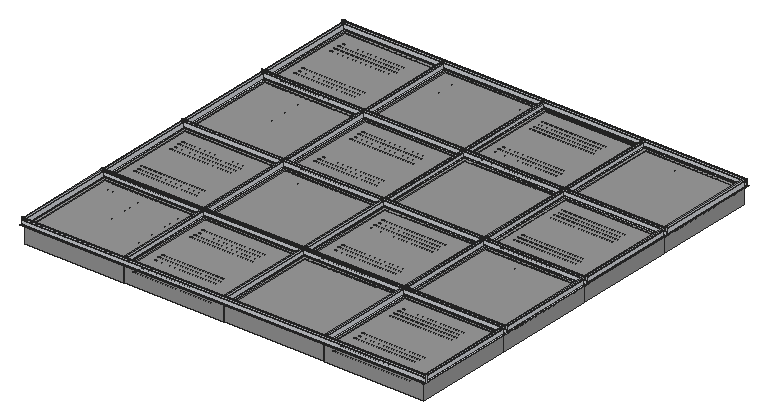
Revit family "GRD-FPG-016_FOLDED PLUG GRID 016_RFA", category Modelos genéricos, Revit 2022 (continued)
Forms (in)
  Extrusion 50, solid, not visible
    sketch origin (0.02767, 82.90856, 0) x (1, 0, 0) y (0, 0, 1)
      loop
        arc (0.52252, 1.68677) -> (0.55303, 1.69941) -> (0.56566, 1.72991) r 0.04314
        line (0.56566, 1.72991) -> (0.56566, 2.14095)
        arc (0.56566, 2.14095) -> (0.5626, 2.15637) -> (0.55386, 2.16944) r 0.04029
        line (0.55386, 2.16944) -> (0.47053, 2.25277)
        arc (0.47053, 2.25277) -> (0.44027, 2.2653) -> (0.41002, 2.25277) r 0.04279
        line (0.41002, 2.25277) -> (0.32669, 2.16944)
        arc (0.32669, 2.16944) -> (0.31795, 2.15637) -> (0.31489, 2.14095) r 0.04029
        line (0.31489, 2.14095) -> (0.31489, 1.72991)
        arc (0.31489, 1.72991) -> (0.32752, 1.69941) -> (0.35803, 1.68677) r 0.04314
        line (0.35803, 1.68677) -> (0.39803, 1.68677)
        arc (0.39803, 1.68677) -> (0.41512, 1.67969) -> (0.42221, 1.66259) r 0.02418
      loop
        arc (0.33294, 1.7291) -> (0.34005, 1.71194) -> (0.35722, 1.70483) r 0.02428
        line (0.35722, 1.70483) -> (0.39815, 1.70483)
        arc (0.39815, 1.70483) -> (0.42797, 1.69248) -> (0.44023, 1.66266) r 0.04217
        arc (0.44023, 1.66266) -> (0.45258, 1.69248) -> (0.4824, 1.70483) r 0.04217
        line (0.4824, 1.70483) -> (0.52333, 1.70483)
        arc (0.52333, 1.70483) -> (0.54049, 1.71194) -> (0.54761, 1.7291) r 0.02428
        line (0.54761, 1.7291) -> (0.54761, 2.15016) -> (0.45704, 2.24072)
        arc (0.45704, 2.24072) -> (0.44027, 2.24767) -> (0.42351, 2.24072) r 0.02371
        line (0.42351, 2.24072) -> (0.33294, 2.15016) -> (0.33294, 1.7291)
    from 58.93614 to 81.99864
  Extrusion 51, solid, not visible
    sketch origin (0, 0, 0) x (1, 0, 0) y (0, 1, 0)
      loop
        line (0.70789, 0.47222) -> (1.18033, -0.00022) -> (23.76344, -0.00022) -> (24.23589, 0.47222) -> (0.70789, 0.47222)
      loop
        line (0.70789, 0.94433) -> (24.23589, 0.94433) -> (23.76344, 1.41677) -> (1.18033, 1.41677) -> (0.70789, 0.94433)
    from -8.98999 to 0.38001
  Extrusion 52, solid, not visible
    sketch origin (0.47244, -0.47244, 0) x (1, 0, 0) y (0, 1, 0)
      loop
        line (0.70789, 0.47222) -> (0.82789, 0.35222) -> (23.171, 0.35222) -> (23.291, 0.47222) -> (0.70789, 0.47222)
      loop
        line (0.70789, 1.88921) -> (23.291, 1.88921) -> (23.171, 2.00921) -> (0.82789, 2.00921) -> (0.70789, 1.88921)
    from -8.98999 to 0.38001
  Extrusion 53, solid, not visible
    sketch origin (0, 0, 0) x (1, 0, 0) y (0, 0, 1)
      loop
        line (0.70789, 0.38001) -> (1.68323, -0.61999) -> (3.48685, -0.61999) -> (3.48685, -4.61999) -> (4.48685, -4.61999) -> (4.48685, -0.61999) -> (20.50219, -0.61999) -> (20.50219, -4.61999) -> (21.46857, -4.61999) -> (21.46857, -0.61999) -> (23.27219, -0.61999) -> (24.23589, 0.38001) -> (0.70789, 0.38001)
    from -0.94466 to -0.47222
  Extrusion 54, solid, not visible
    sketch origin (0, 0, 0) x (1, 0, 0) y (0, 1, 0)
      loop
        line (0.70789, 0.47222) -> (1.18033, -0.00022) -> (23.76344, -0.00022) -> (24.23589, 0.47222) -> (0.70789, 0.47222)
      loop
        line (0.70789, 0.94433) -> (24.23589, 0.94433) -> (23.76344, 1.41677) -> (1.18033, 1.41677) -> (0.70789, 0.94433)
    from -8.98999 to 0.38001
  Extrusion 55, solid, not visible
    sketch origin (0.47244, -0.47244, 0) x (1, 0, 0) y (0, 1, 0)
      loop
        line (0.70789, 0.47222) -> (0.82789, 0.35222) -> (23.171, 0.35222) -> (23.291, 0.47222) -> (0.70789, 0.47222)
      loop
        line (0.70789, 1.88921) -> (23.291, 1.88921) -> (23.171, 2.00921) -> (0.82789, 2.00921) -> (0.70789, 1.88921)
    from -8.98999 to 0.38001
  Extrusion 56, solid, not visible
    sketch origin (0, 0, 0) x (1, 0, 0) y (0, 0, 1)
      loop
        line (0.70789, 0.38001) -> (1.68323, -0.61999) -> (3.48685, -0.61999) -> (3.48685, -4.61999) -> (4.48685, -4.61999) -> (4.48685, -0.61999) -> (20.50219, -0.61999) -> (20.50219, -4.61999) -> (21.46857, -4.61999) -> (21.46857, -0.61999) -> (23.27219, -0.61999) -> (24.23589, 0.38001) -> (0.70789, 0.38001)
    from -0.94466 to -0.47222
  Extrusion 57, solid, not visible
    sketch origin (0, 24.00011, 0) x (1, 0, 0) y (0, 1, 0)
      loop
        line (0.70789, 0.47222) -> (1.18033, -0.00022) -> (23.76344, -0.00022) -> (24.23589, 0.47222) -> (0.70789, 0.47222)
      loop
        line (0.70789, 0.94433) -> (24.23589, 0.94433) -> (23.76344, 1.41677) -> (1.18033, 1.41677) -> (0.70789, 0.94433)
    from -8.98999 to 0.38001
  Extrusion 58, solid, not visible
    sketch origin (0.47244, 23.52767, 0) x (1, 0, 0) y (0, 1, 0)
      loop
        line (0.70789, 0.47222) -> (0.82789, 0.35222) -> (23.171, 0.35222) -> (23.291, 0.47222) -> (0.70789, 0.47222)
      loop
        line (0.70789, 1.88921) -> (23.291, 1.88921) -> (23.171, 2.00921) -> (0.82789, 2.00921) -> (0.70789, 1.88921)
    from -8.98999 to 0.38001
  Extrusion 59, solid, not visible
    sketch origin (0, 24.00011, 0) x (1, 0, 0) y (0, 0, 1)
      loop
        line (0.70789, 0.38001) -> (1.68323, -0.61999) -> (3.48685, -0.61999) -> (3.48685, -4.61999) -> (4.48685, -4.61999) -> (4.48685, -0.61999) -> (20.50219, -0.61999) -> (20.50219, -4.61999) -> (21.46857, -4.61999) -> (21.46857, -0.61999) -> (23.27219, -0.61999) -> (24.23589, 0.38001) -> (0.70789, 0.38001)
    from -0.94466 to -0.47222
  Extrusion 60, solid, not visible
    sketch origin (-0.23644, 25.18022, 0) x (0, -1, 0) y (1, 0, 0)
      loop
        line (0.70789, 0.47222) -> (1.18033, -0.00022) -> (23.76344, -0.00022) -> (24.23589, 0.47222) -> (0.70789, 0.47222)
      loop
        line (0.70789, 0.94433) -> (24.23589, 0.94433) -> (23.76344, 1.41677) -> (1.18033, 1.41677) -> (0.70789, 0.94433)
    from -8.98999 to 0.38001
  Extrusion 61, solid, not visible
    sketch origin (-0.70889, 24.70778, 0) x (0, -1, 0) y (1, 0, 0)
      loop
        line (0.70789, 0.47222) -> (0.82789, 0.35222) -> (23.171, 0.35222) -> (23.291, 0.47222) -> (0.70789, 0.47222)
      loop
        line (0.70789, 1.88921) -> (23.291, 1.88921) -> (23.171, 2.00921) -> (0.82789, 2.00921) -> (0.70789, 1.88921)
    from -8.98999 to 0.38001
  Extrusion 62, solid, not visible
    sketch origin (-0.23644, 25.18022, 0) x (0, -1, 0) y (0, 0, 1)
      loop
        line (0.70789, 0.38001) -> (1.68323, -0.61999) -> (3.48685, -0.61999) -> (3.48685, -4.61999) -> (4.48685, -4.61999) -> (4.48685, -0.61999) -> (20.50219, -0.61999) -> (20.50219, -4.61999) -> (21.46857, -4.61999) -> (21.46857, -0.61999) -> (23.27219, -0.61999) -> (24.23589, 0.38001) -> (0.70789, 0.38001)
    from -0.94466 to -0.47222
  Extrusion 63, solid, not visible
    sketch origin (23.764, 25.18022, 0) x (0, -1, 0) y (1, 0, 0)
      loop
        line (0.70789, 0.47222) -> (1.18033, -0.00022) -> (23.76344, -0.00022) -> (24.23589, 0.47222) -> (0.70789, 0.47222)
      loop
        line (0.70789, 0.94433) -> (24.23589, 0.94433) -> (23.76344, 1.41677) -> (1.18033, 1.41677) -> (0.70789, 0.94433)
    from -8.98999 to 0.38001
  Extrusion 64, solid, not visible
    sketch origin (23.29156, 24.70778, 0) x (0, -1, 0) y (1, 0, 0)
      loop
        line (0.70789, 0.47222) -> (0.82789, 0.35222) -> (23.171, 0.35222) -> (23.291, 0.47222) -> (0.70789, 0.47222)
      loop
        line (0.70789, 1.88921) -> (23.291, 1.88921) -> (23.171, 2.00921) -> (0.82789, 2.00921) -> (0.70789, 1.88921)
    from -8.98999 to 0.38001
  Extrusion 65, solid, not visible
    sketch origin (23.764, 25.18022, 0) x (0, -1, 0) y (0, 0, 1)
      loop
        line (0.70789, 0.38001) -> (1.68323, -0.61999) -> (3.48685, -0.61999) -> (3.48685, -4.61999) -> (4.48685, -4.61999) -> (4.48685, -0.61999) -> (20.50219, -0.61999) -> (20.50219, -4.61999) -> (21.46857, -4.61999) -> (21.46857, -0.61999) -> (23.27219, -0.61999) -> (24.23589, 0.38001) -> (0.70789, 0.38001)
    from -0.94466 to -0.47222
  Extrusion 66, solid, not visible
    sketch origin (48.94421, 1.41655, 0) x (-1, 0, 0) y (0, -1, 0)
      loop
        line (0.70789, 0.47222) -> (1.18033, -0.00022) -> (23.76344, -0.00022) -> (24.23589, 0.47222) -> (0.70789, 0.47222)
      loop
        line (0.70789, 0.94433) -> (24.23589, 0.94433) -> (23.76344, 1.41677) -> (1.18033, 1.41677) -> (0.70789, 0.94433)
    from -5.61999 to 0.38001
  Extrusion 67, solid, not visible
    sketch origin (48.47177, 1.88899, 0) x (-1, 0, 0) y (0, -1, 0)
      loop
        line (0.70789, 0.47222) -> (0.82789, 0.35222) -> (23.171, 0.35222) -> (23.291, 0.47222) -> (0.70789, 0.47222)
      loop
        line (0.70789, 1.88921) -> (23.291, 1.88921) -> (23.171, 2.00921) -> (0.82789, 2.00921) -> (0.70789, 1.88921)
    from -5.61999 to 0.38001
  Extrusion 68, solid, not visible
    sketch origin (48.94421, 1.41655, 0) x (-1, 0, 0) y (0, 0, 1)
      loop
        line (0.70789, 0.38001) -> (1.68323, -0.61999) -> (3.48685, -0.61999) -> (3.48685, -4.61999) -> (4.48685, -4.61999) -> (4.48685, -0.61999) -> (20.50219, -0.61999) -> (20.50219, -4.61999) -> (21.46857, -4.61999) -> (21.46857, -0.61999) -> (23.27219, -0.61999) -> (24.23589, 0.38001) -> (0.70789, 0.38001)
    from -0.94466 to -0.47222
  Extrusion 69, solid, not visible
    sketch origin (-0.23678, 73.18088, 0) x (0, -1, 0) y (1, 0, 0)
      loop
        line (0.70789, 0.47222) -> (1.18033, -0.00022) -> (23.76344, -0.00022) -> (24.23589, 0.47222) -> (0.70789, 0.47222)
      loop
        line (0.70789, 0.94433) -> (24.23589, 0.94433) -> (23.76344, 1.41677) -> (1.18033, 1.41677) -> (0.70789, 0.94433)
    from -2.11999 to 0.38001
  Extrusion 70, solid, not visible
    sketch origin (-0.70922, 72.70844, 0) x (0, -1, 0) y (1, 0, 0)
      loop
        line (0.70789, 0.47222) -> (0.82789, 0.35222) -> (23.171, 0.35222) -> (23.291, 0.47222) -> (0.70789, 0.47222)
      loop
        line (0.70789, 1.88921) -> (23.291, 1.88921) -> (23.171, 2.00921) -> (0.82789, 2.00921) -> (0.70789, 1.88921)
    from -2.11999 to 0.38001
  Extrusion 71, solid, not visible
    sketch origin (-0.23678, 73.18088, 0) x (0, -1, 0) y (0, 0, 1)
      loop
        line (0.70789, 0.38001) -> (1.68323, -0.61999) -> (3.48685, -0.61999) -> (3.48685, -1.61999) -> (4.48685, -1.61999) -> (4.48685, -0.61999) -> (20.50219, -0.61999) -> (20.50219, -1.61999) -> (21.46857, -1.61999) -> (21.46857, -0.61999) -> (23.27219, -0.61999) -> (24.23589, 0.38001) -> (0.70789, 0.38001)
    from -0.94466 to -0.47222
Dimensions and locks (in)
  Extrusion 10 to Extrusion 10 to Extrusion 15 to Extrusion 15 to Extrusion 20 to Extrusion 20 to Extrusion 25 to Extrusion 25 = 23.0625", 0.9375", 23.0625", 0.9375", 23.0625", 0.9375", 23.0625"
  aligned and locked: level to plane 2
Nested families (in)
  nested 1: "GRD-FPG-016_FOLDED PLUG GRID 016_1_RFA" at (24.32528, 24.54761, -3.40946) x (-1, 0, 0) z (0, 0, 1), type "GRD-FPG-016_FOLDED PLUG GRID 016_1_RFA"
  nested 2: "GRD-FPG-016_FOLDED PLUG GRID 016_1_RFA" at (24.57527, 24.54761, -3.40946) x (0, -1, 0) z (0, 0, 1), type "GRD-FPG-016_FOLDED PLUG GRID 016_1_RFA"
  nested 3: "GRD-FPG-016_FOLDED PLUG GRID 016_1_RFA" at (72.32528, 24.54761, -3.40946) x (-1, 0, 0) z (0, 0, 1), type "GRD-FPG-016_FOLDED PLUG GRID 016_1_RFA"
  nested 4: "GRD-FPG-016_FOLDED PLUG GRID 016_1_RFA" at (72.57527, 24.54761, -3.40946) x (0, -1, 0) z (0, 0, 1), type "GRD-FPG-016_FOLDED PLUG GRID 016_1_RFA"
  nested 5: "GRD-FPG-016_FOLDED PLUG GRID 016_1_RFA" at (0.57527, 48.54761, -3.40946) x (0, -1, 0) z (0, 0, 1), type "GRD-FPG-016_FOLDED PLUG GRID 016_1_RFA"
  nested 6: "GRD-FPG-016_FOLDED PLUG GRID 016_1_RFA" at (48.32528, 48.54761, -3.40946) x (-1, 0, 0) z (0, 0, 1), type "GRD-FPG-016_FOLDED PLUG GRID 016_1_RFA"
  nested 7: "GRD-FPG-016_FOLDED PLUG GRID 016_1_RFA" at (48.57527, 48.54761, -3.40946) x (0, -1, 0) z (0, 0, 1), type "GRD-FPG-016_FOLDED PLUG GRID 016_1_RFA"
  nested 8: "GRD-FPG-016_FOLDED PLUG GRID 016_1_RFA" at (96.32528, 48.54761, -3.40946) x (-1, 0, 0) z (0, 0, 1), type "GRD-FPG-016_FOLDED PLUG GRID 016_1_RFA"
  nested 9: "GRD-FPG-016_FOLDED PLUG GRID 016_1_RFA" at (24.32528, 72.54761, -3.40946) x (-1, 0, 0) z (0, 0, 1), type "GRD-FPG-016_FOLDED PLUG GRID 016_1_RFA"
  nested 10: "GRD-FPG-016_FOLDED PLUG GRID 016_1_RFA" at (24.57527, 72.54761, -3.40946) x (0, -1, 0) z (0, 0, 1), type "GRD-FPG-016_FOLDED PLUG GRID 016_1_RFA"
  nested 11: "GRD-FPG-016_FOLDED PLUG GRID 016_1_RFA" at (72.32528, 72.54761, -3.40946) x (-1, 0, 0) z (0, 0, 1), type "GRD-FPG-016_FOLDED PLUG GRID 016_1_RFA"
  nested 12: "GRD-FPG-016_FOLDED PLUG GRID 016_1_RFA" at (72.57527, 72.54761, -3.40946) x (0, -1, 0) z (0, 0, 1), type "GRD-FPG-016_FOLDED PLUG GRID 016_1_RFA"
  nested 13: "GRD-FPG-016_FOLDED PLUG GRID 016_1_RFA" at (0.57527, 96.54761, -3.40946) x (0, -1, 0) z (0, 0, 1), type "GRD-FPG-016_FOLDED PLUG GRID 016_1_RFA"
  nested 14: "GRD-FPG-016_FOLDED PLUG GRID 016_1_RFA" at (48.32528, 96.54761, -3.40946) x (-1, 0, 0) z (0, 0, 1), type "GRD-FPG-016_FOLDED PLUG GRID 016_1_RFA"
  nested 15: "GRD-FPG-016_FOLDED PLUG GRID 016_1_RFA" at (48.57527, 96.54761, -3.40946) x (0, -1, 0) z (0, 0, 1), type "GRD-FPG-016_FOLDED PLUG GRID 016_1_RFA"
  nested 16: "GRD-FPG-016_FOLDED PLUG GRID 016_1_RFA" at (96.32528, 96.54761, -3.40946) x (-1, 0, 0) z (0, 0, 1), type "GRD-FPG-016_FOLDED PLUG GRID 016_1_RFA"
Definition of nested family "GRD-FPG-016_FOLDED PLUG GRID 016_1_RFA"
  Parameters
    Default Elevation = 0.00"
  Reference planes (in)
    plane 1 "Centro (Frontal/Posterior)": y = 0
    plane 2: z = 0
    plane 3 "Centro (Izquierda/Derecha)": x = 0
  Forms (in)
    Extrusion 1, solid
      sketch origin (0, 0, 0) x (1, 0, 0) y (0, 0, 1)
        loop
          line (1.06299, 2.59055) -> (1.06299, 3.52756) -> (0.94488, 3.52756) -> (0.94488, 2.59055)
          arc (0.94488, 2.59055) -> (1.53543, 2) -> (2.12598, 2.59055) r 0.59055
          line (2.12598, 2.59055) -> (2.12598, 3.52756) -> (2.00787, 3.52756) -> (2.00787, 2.59055)
          arc (2.00787, 2.59055) -> (1.53543, 2.11811) -> (1.06299, 2.59055) r 0.47244
      from -22.80512 to -0.94488
    Extrusion 2, solid
      sketch origin (0, 0, 0) x (1, 0, 0) y (0, 0, 1)
        loop
          line (1.53543, 2.59055) -> (1.53543, 3.52756) -> (1.06299, 3.52756) -> (1.06299, 2.59055) -> (1.53543, 2.59055)
      from -22.80512 to -0.94488
    Extrusion 3, solid
      sketch origin (0.47244, 0, 0) x (1, 0, 0) y (0, 0, 1)
        loop
          line (1.53543, 2.59055) -> (1.53543, 3.52756) -> (1.06299, 3.52756) -> (1.06299, 2.59055) -> (1.53543, 2.59055)
      from -22.80512 to -0.94488
    Extrusion 4, solid, not visible
      sketch origin (0, 0, 0) x (1, 0, 0) y (0, 0, 1)
        loop
          line (1.06299, 2.59055) -> (1.06299, 3.52756) -> (0.94488, 3.52756) -> (0.94488, 2.59055)
          arc (0.94488, 2.59055) -> (1.53543, 2) -> (2.12598, 2.59055) r 0.59055
          line (2.12598, 2.59055) -> (2.12598, 3.52756) -> (2.00787, 3.52756) -> (2.00787, 2.59055)
          arc (2.00787, 2.59055) -> (1.53543, 2.11811) -> (1.06299, 2.59055) r 0.47244
      from -22.80512 to -0.94488
    Extrusion 5, solid, not visible
      sketch origin (0, 0, 0) x (1, 0, 0) y (0, 0, 1)
        loop
          line (1.53543, 2.59055) -> (1.53543, 3.52756) -> (1.06299, 3.52756) -> (1.06299, 2.59055) -> (1.53543, 2.59055)
      from -22.80512 to -0.94488
    Extrusion 6, solid, not visible
      sketch origin (0.47244, 0, 0) x (1, 0, 0) y (0, 0, 1)
        loop
          line (1.53543, 2.59055) -> (1.53543, 3.52756) -> (1.06299, 3.52756) -> (1.06299, 2.59055) -> (1.53543, 2.59055)
      from -22.80512 to -0.94488
    Extrusion 7, solid
      sketch origin (1.1811, 0, 0) x (1, 0, 0) y (0, 0, 1)
        loop
          line (1.06299, 2.59055) -> (1.06299, 3.52756) -> (0.94488, 3.52756) -> (0.94488, 2.59055)
          arc (0.94488, 2.59055) -> (1.53543, 2) -> (2.12598, 2.59055) r 0.59055
          line (2.12598, 2.59055) -> (2.12598, 3.52756) -> (2.00787, 3.52756) -> (2.00787, 2.59055)
          arc (2.00787, 2.59055) -> (1.53543, 2.11811) -> (1.06299, 2.59055) r 0.47244
      from -22.80512 to -0.94488
    Extrusion 8, solid
      sketch origin (1.1811, 0, 0) x (1, 0, 0) y (0, 0, 1)
        loop
          line (1.53543, 2.59055) -> (1.53543, 3.52756) -> (1.06299, 3.52756) -> (1.06299, 2.59055) -> (1.53543, 2.59055)
      from -22.80512 to -0.94488
    Extrusion 9, solid
      sketch origin (1.65354, 0, 0) x (1, 0, 0) y (0, 0, 1)
        loop
          line (1.53543, 2.59055) -> (1.53543, 3.52756) -> (1.06299, 3.52756) -> (1.06299, 2.59055) -> (1.53543, 2.59055)
      from -22.80512 to -0.94488
    Extrusion 10, solid
      sketch origin (2.3622, 0, 0) x (1, 0, 0) y (0, 0, 1)
        loop
          line (1.06299, 2.59055) -> (1.06299, 3.52756) -> (0.94488, 3.52756) -> (0.94488, 2.59055)
          arc (0.94488, 2.59055) -> (1.53543, 2) -> (2.12598, 2.59055) r 0.59055
          line (2.12598, 2.59055) -> (2.12598, 3.52756) -> (2.00787, 3.52756) -> (2.00787, 2.59055)
          arc (2.00787, 2.59055) -> (1.53543, 2.11811) -> (1.06299, 2.59055) r 0.47244
      from -22.80512 to -0.94488
    Extrusion 11, solid
      sketch origin (2.3622, 0, 0) x (1, 0, 0) y (0, 0, 1)
        loop
          line (1.53543, 2.59055) -> (1.53543, 3.52756) -> (1.06299, 3.52756) -> (1.06299, 2.59055) -> (1.53543, 2.59055)
      from -22.80512 to -0.94488
    Extrusion 12, solid
      sketch origin (2.83465, 0, 0) x (1, 0, 0) y (0, 0, 1)
        loop
          line (1.53543, 2.59055) -> (1.53543, 3.52756) -> (1.06299, 3.52756) -> (1.06299, 2.59055) -> (1.53543, 2.59055)
      from -22.80512 to -0.94488
    Extrusion 13, solid
      sketch origin (3.54331, 0, 0) x (1, 0, 0) y (0, 0, 1)
        loop
          line (1.06299, 2.59055) -> (1.06299, 3.52756) -> (0.94488, 3.52756) -> (0.94488, 2.59055)
          arc (0.94488, 2.59055) -> (1.53543, 2) -> (2.12598, 2.59055) r 0.59055
          line (2.12598, 2.59055) -> (2.12598, 3.52756) -> (2.00787, 3.52756) -> (2.00787, 2.59055)
          arc (2.00787, 2.59055) -> (1.53543, 2.11811) -> (1.06299, 2.59055) r 0.47244
      from -22.80512 to -0.94488
    Extrusion 14, solid
      sketch origin (3.54331, 0, 0) x (1, 0, 0) y (0, 0, 1)
        loop
          line (1.53543, 2.59055) -> (1.53543, 3.52756) -> (1.06299, 3.52756) -> (1.06299, 2.59055) -> (1.53543, 2.59055)
      from -22.80512 to -0.94488
    Extrusion 15, solid
      sketch origin (4.01575, 0, 0) x (1, 0, 0) y (0, 0, 1)
        loop
          line (1.53543, 2.59055) -> (1.53543, 3.52756) -> (1.06299, 3.52756) -> (1.06299, 2.59055) -> (1.53543, 2.59055)
      from -22.80512 to -0.94488
    Extrusion 16, solid
      sketch origin (12.0304, 0, 0) x (1, 0, 0) y (0, 0, 1)
        loop
          line (1.06299, 2.59055) -> (1.06299, 3.52756) -> (0.94488, 3.52756) -> (0.94488, 2.59055)
          arc (0.94488, 2.59055) -> (1.53543, 2) -> (2.12598, 2.59055) r 0.59055
          line (2.12598, 2.59055) -> (2.12598, 3.52756) -> (2.00787, 3.52756) -> (2.00787, 2.59055)
          arc (2.00787, 2.59055) -> (1.53543, 2.11811) -> (1.06299, 2.59055) r 0.47244
      from -22.80512 to -0.94488
    Extrusion 17, solid
      sketch origin (12.0304, 0, 0) x (1, 0, 0) y (0, 0, 1)
        loop
          line (1.53543, 2.59055) -> (1.53543, 3.52756) -> (1.06299, 3.52756) -> (1.06299, 2.59055) -> (1.53543, 2.59055)
      from -22.80512 to -0.94488
    Extrusion 18, solid
      sketch origin (12.50284, 0, 0) x (1, 0, 0) y (0, 0, 1)
        loop
          line (1.53543, 2.59055) -> (1.53543, 3.52756) -> (1.06299, 3.52756) -> (1.06299, 2.59055) -> (1.53543, 2.59055)
      from -22.80512 to -0.94488
    Extrusion 19, solid
      sketch origin (13.2115, 0, 0) x (1, 0, 0) y (0, 0, 1)
        loop
          line (1.06299, 2.59055) -> (1.06299, 3.52756) -> (0.94488, 3.52756) -> (0.94488, 2.59055)
          arc (0.94488, 2.59055) -> (1.53543, 2) -> (2.12598, 2.59055) r 0.59055
          line (2.12598, 2.59055) -> (2.12598, 3.52756) -> (2.00787, 3.52756) -> (2.00787, 2.59055)
          arc (2.00787, 2.59055) -> (1.53543, 2.11811) -> (1.06299, 2.59055) r 0.47244
      from -22.80512 to -0.94488
    Extrusion 20, solid
      sketch origin (13.2115, 0, 0) x (1, 0, 0) y (0, 0, 1)
        loop
          line (1.53543, 2.59055) -> (1.53543, 3.52756) -> (1.06299, 3.52756) -> (1.06299, 2.59055) -> (1.53543, 2.59055)
      from -22.80512 to -0.94488
    Extrusion 21, solid
      sketch origin (13.68394, 0, 0) x (1, 0, 0) y (0, 0, 1)
        loop
          line (1.53543, 2.59055) -> (1.53543, 3.52756) -> (1.06299, 3.52756) -> (1.06299, 2.59055) -> (1.53543, 2.59055)
      from -22.80512 to -0.94488
    Extrusion 22, solid
      sketch origin (14.39261, 0, 0) x (1, 0, 0) y (0, 0, 1)
        loop
          line (1.06299, 2.59055) -> (1.06299, 3.52756) -> (0.94488, 3.52756) -> (0.94488, 2.59055)
          arc (0.94488, 2.59055) -> (1.53543, 2) -> (2.12598, 2.59055) r 0.59055
          line (2.12598, 2.59055) -> (2.12598, 3.52756) -> (2.00787, 3.52756) -> (2.00787, 2.59055)
          arc (2.00787, 2.59055) -> (1.53543, 2.11811) -> (1.06299, 2.59055) r 0.47244
      from -22.80512 to -0.94488
    Extrusion 23, solid
      sketch origin (14.39261, 0, 0) x (1, 0, 0) y (0, 0, 1)
        loop
          line (1.53543, 2.59055) -> (1.53543, 3.52756) -> (1.06299, 3.52756) -> (1.06299, 2.59055) -> (1.53543, 2.59055)
      from -22.80512 to -0.94488
    Extrusion 24, solid
      sketch origin (14.86505, 0, 0) x (1, 0, 0) y (0, 0, 1)
        loop
          line (1.53543, 2.59055) -> (1.53543, 3.52756) -> (1.06299, 3.52756) -> (1.06299, 2.59055) -> (1.53543, 2.59055)
      from -22.80512 to -0.94488
    Extrusion 25, solid
      sketch origin (18.30477, 0, 0) x (1, 0, 0) y (0, 0, 1)
        loop
          line (1.06299, 2.59055) -> (1.06299, 3.52756) -> (0.94488, 3.52756) -> (0.94488, 2.59055)
          arc (0.94488, 2.59055) -> (1.53543, 2) -> (2.12598, 2.59055) r 0.59055
          line (2.12598, 2.59055) -> (2.12598, 3.52756) -> (2.00787, 3.52756) -> (2.00787, 2.59055)
          arc (2.00787, 2.59055) -> (1.53543, 2.11811) -> (1.06299, 2.59055) r 0.47244
      from -22.80512 to -0.94488
    Extrusion 26, solid
      sketch origin (18.30477, 0, 0) x (1, 0, 0) y (0, 0, 1)
        loop
          line (1.53543, 2.59055) -> (1.53543, 3.52756) -> (1.06299, 3.52756) -> (1.06299, 2.59055) -> (1.53543, 2.59055)
      from -22.80512 to -0.94488
    Extrusion 27, solid
      sketch origin (18.77721, 0, 0) x (1, 0, 0) y (0, 0, 1)
        loop
          line (1.53543, 2.59055) -> (1.53543, 3.52756) -> (1.06299, 3.52756) -> (1.06299, 2.59055) -> (1.53543, 2.59055)
      from -22.80512 to -0.94488
    Extrusion 28, solid
      sketch origin (19.48587, 0, 0) x (1, 0, 0) y (0, 0, 1)
        loop
          line (1.06299, 2.59055) -> (1.06299, 3.52756) -> (0.94488, 3.52756) -> (0.94488, 2.59055)
          arc (0.94488, 2.59055) -> (1.53543, 2) -> (2.12598, 2.59055) r 0.59055
          line (2.12598, 2.59055) -> (2.12598, 3.52756) -> (2.00787, 3.52756) -> (2.00787, 2.59055)
          arc (2.00787, 2.59055) -> (1.53543, 2.11811) -> (1.06299, 2.59055) r 0.47244
      from -22.80512 to -0.94488
    Extrusion 29, solid
      sketch origin (19.48587, 0, 0) x (1, 0, 0) y (0, 0, 1)
        loop
          line (1.53543, 2.59055) -> (1.53543, 3.52756) -> (1.06299, 3.52756) -> (1.06299, 2.59055) -> (1.53543, 2.59055)
      from -22.80512 to -0.94488
    Extrusion 30, solid
      sketch origin (19.95831, 0, 0) x (1, 0, 0) y (0, 0, 1)
        loop
          line (1.53543, 2.59055) -> (1.53543, 3.52756) -> (1.06299, 3.52756) -> (1.06299, 2.59055) -> (1.53543, 2.59055)
      from -22.80512 to -0.94488
    Extrusion 31, solid
      sketch origin (20.66697, 0, 0) x (1, 0, 0) y (0, 0, 1)
        loop
          line (1.06299, 2.59055) -> (1.06299, 3.52756) -> (0.94488, 3.52756) -> (0.94488, 2.59055)
          arc (0.94488, 2.59055) -> (1.53543, 2) -> (2.12598, 2.59055) r 0.59055
          line (2.12598, 2.59055) -> (2.12598, 3.52756) -> (2.00787, 3.52756) -> (2.00787, 2.59055)
          arc (2.00787, 2.59055) -> (1.53543, 2.11811) -> (1.06299, 2.59055) r 0.47244
      from -22.80512 to -0.94488
    Extrusion 32, solid
      sketch origin (20.66697, 0, 0) x (1, 0, 0) y (0, 0, 1)
        loop
          line (1.53543, 2.59055) -> (1.53543, 3.52756) -> (1.06299, 3.52756) -> (1.06299, 2.59055) -> (1.53543, 2.59055)
      from -22.80512 to -0.94488
    Extrusion 33, solid
      sketch origin (21.13941, 0, 0) x (1, 0, 0) y (0, 0, 1)
        loop
          line (1.53543, 2.59055) -> (1.53543, 3.52756) -> (1.06299, 3.52756) -> (1.06299, 2.59055) -> (1.53543, 2.59055)
      from -22.80512 to -0.94488
    Extrusion 34, solid, not visible
      sketch origin (0, 0, 0) x (1, 0, 0) y (0, 0, 1)
        loop
          line (1.06299, 2.59055) -> (1.06299, 3.52756) -> (0.94488, 3.52756) -> (0.94488, 2.59055)
          arc (0.94488, 2.59055) -> (1.53543, 2) -> (2.12598, 2.59055) r 0.59055
          line (2.12598, 2.59055) -> (2.12598, 3.52756) -> (2.00787, 3.52756) -> (2.00787, 2.59055)
          arc (2.00787, 2.59055) -> (1.53543, 2.11811) -> (1.06299, 2.59055) r 0.47244
      from -22.80512 to -0.94488
    Extrusion 35, solid, not visible
      sketch origin (0, 0, 0) x (1, 0, 0) y (0, 0, 1)
        loop
          line (1.53543, 2.59055) -> (1.53543, 3.52756) -> (1.06299, 3.52756) -> (1.06299, 2.59055) -> (1.53543, 2.59055)
      from -22.80512 to -0.94488
    Extrusion 36, solid, not visible
      sketch origin (0.47244, 0, 0) x (1, 0, 0) y (0, 0, 1)
        loop
          line (1.53543, 2.59055) -> (1.53543, 3.52756) -> (1.06299, 3.52756) -> (1.06299, 2.59055) -> (1.53543, 2.59055)
      from -22.80512 to -0.94488
    Extrusion 37, solid, not visible
      sketch origin (1.1811, 0, 0) x (1, 0, 0) y (0, 0, 1)
        loop
          line (1.06299, 2.59055) -> (1.06299, 3.52756) -> (0.94488, 3.52756) -> (0.94488, 2.59055)
          arc (0.94488, 2.59055) -> (1.53543, 2) -> (2.12598, 2.59055) r 0.59055
          line (2.12598, 2.59055) -> (2.12598, 3.52756) -> (2.00787, 3.52756) -> (2.00787, 2.59055)
          arc (2.00787, 2.59055) -> (1.53543, 2.11811) -> (1.06299, 2.59055) r 0.47244
      from -22.80512 to -0.94488
    Extrusion 38, solid, not visible
      sketch origin (1.1811, 0, 0) x (1, 0, 0) y (0, 0, 1)
        loop
          line (1.53543, 2.59055) -> (1.53543, 3.52756) -> (1.06299, 3.52756) -> (1.06299, 2.59055) -> (1.53543, 2.59055)
      from -22.80512 to -0.94488
    Extrusion 39, solid, not visible
      sketch origin (1.65354, 0, 0) x (1, 0, 0) y (0, 0, 1)
        loop
          line (1.53543, 2.59055) -> (1.53543, 3.52756) -> (1.06299, 3.52756) -> (1.06299, 2.59055) -> (1.53543, 2.59055)
      from -22.80512 to -0.94488
    Extrusion 40, solid, not visible
      sketch origin (2.3622, 0, 0) x (1, 0, 0) y (0, 0, 1)
        loop
          line (1.06299, 2.59055) -> (1.06299, 3.52756) -> (0.94488, 3.52756) -> (0.94488, 2.59055)
          arc (0.94488, 2.59055) -> (1.53543, 2) -> (2.12598, 2.59055) r 0.59055
          line (2.12598, 2.59055) -> (2.12598, 3.52756) -> (2.00787, 3.52756) -> (2.00787, 2.59055)
          arc (2.00787, 2.59055) -> (1.53543, 2.11811) -> (1.06299, 2.59055) r 0.47244
      from -22.80512 to -0.94488
    Extrusion 41, solid, not visible
      sketch origin (2.3622, 0, 0) x (1, 0, 0) y (0, 0, 1)
        loop
          line (1.53543, 2.59055) -> (1.53543, 3.52756) -> (1.06299, 3.52756) -> (1.06299, 2.59055) -> (1.53543, 2.59055)
      from -22.80512 to -0.94488
    Extrusion 42, solid, not visible
      sketch origin (2.83465, 0, 0) x (1, 0, 0) y (0, 0, 1)
        loop
          line (1.53543, 2.59055) -> (1.53543, 3.52756) -> (1.06299, 3.52756) -> (1.06299, 2.59055) -> (1.53543, 2.59055)
      from -22.80512 to -0.94488
    Extrusion 43, solid, not visible
      sketch origin (3.54331, 0, 0) x (1, 0, 0) y (0, 0, 1)
        loop
          line (1.06299, 2.59055) -> (1.06299, 3.52756) -> (0.94488, 3.52756) -> (0.94488, 2.59055)
          arc (0.94488, 2.59055) -> (1.53543, 2) -> (2.12598, 2.59055) r 0.59055
          line (2.12598, 2.59055) -> (2.12598, 3.52756) -> (2.00787, 3.52756) -> (2.00787, 2.59055)
          arc (2.00787, 2.59055) -> (1.53543, 2.11811) -> (1.06299, 2.59055) r 0.47244
      from -22.80512 to -0.94488
    Extrusion 44, solid, not visible
      sketch origin (3.54331, 0, 0) x (1, 0, 0) y (0, 0, 1)
        loop
          line (1.53543, 2.59055) -> (1.53543, 3.52756) -> (1.06299, 3.52756) -> (1.06299, 2.59055) -> (1.53543, 2.59055)
      from -22.80512 to -0.94488
    Extrusion 45, solid, not visible
      sketch origin (4.01575, 0, 0) x (1, 0, 0) y (0, 0, 1)
        loop
          line (1.53543, 2.59055) -> (1.53543, 3.52756) -> (1.06299, 3.52756) -> (1.06299, 2.59055) -> (1.53543, 2.59055)
      from -22.80512 to -0.94488
    Extrusion 46, solid, not visible
      sketch origin (12.0304, 0, 0) x (1, 0, 0) y (0, 0, 1)
        loop
          line (1.06299, 2.59055) -> (1.06299, 3.52756) -> (0.94488, 3.52756) -> (0.94488, 2.59055)
          arc (0.94488, 2.59055) -> (1.53543, 2) -> (2.12598, 2.59055) r 0.59055
          line (2.12598, 2.59055) -> (2.12598, 3.52756) -> (2.00787, 3.52756) -> (2.00787, 2.59055)
          arc (2.00787, 2.59055) -> (1.53543, 2.11811) -> (1.06299, 2.59055) r 0.47244
      from -22.80512 to -0.94488
    Extrusion 47, solid, not visible
      sketch origin (12.0304, 0, 0) x (1, 0, 0) y (0, 0, 1)
        loop
          line (1.53543, 2.59055) -> (1.53543, 3.52756) -> (1.06299, 3.52756) -> (1.06299, 2.59055) -> (1.53543, 2.59055)
      from -22.80512 to -0.94488
    Extrusion 48, solid, not visible
      sketch origin (12.50284, 0, 0) x (1, 0, 0) y (0, 0, 1)
        loop
          line (1.53543, 2.59055) -> (1.53543, 3.52756) -> (1.06299, 3.52756) -> (1.06299, 2.59055) -> (1.53543, 2.59055)
      from -22.80512 to -0.94488
    Extrusion 49, solid, not visible
      sketch origin (13.2115, 0, 0) x (1, 0, 0) y (0, 0, 1)
        loop
          line (1.06299, 2.59055) -> (1.06299, 3.52756) -> (0.94488, 3.52756) -> (0.94488, 2.59055)
          arc (0.94488, 2.59055) -> (1.53543, 2) -> (2.12598, 2.59055) r 0.59055
          line (2.12598, 2.59055) -> (2.12598, 3.52756) -> (2.00787, 3.52756) -> (2.00787, 2.59055)
          arc (2.00787, 2.59055) -> (1.53543, 2.11811) -> (1.06299, 2.59055) r 0.47244
      from -22.80512 to -0.94488
    Extrusion 50, solid, not visible
      sketch origin (13.2115, 0, 0) x (1, 0, 0) y (0, 0, 1)
        loop
          line (1.53543, 2.59055) -> (1.53543, 3.52756) -> (1.06299, 3.52756) -> (1.06299, 2.59055) -> (1.53543, 2.59055)
      from -22.80512 to -0.94488
    Extrusion 51, solid, not visible
      sketch origin (13.68394, 0, 0) x (1, 0, 0) y (0, 0, 1)
        loop
          line (1.53543, 2.59055) -> (1.53543, 3.52756) -> (1.06299, 3.52756) -> (1.06299, 2.59055) -> (1.53543, 2.59055)
      from -22.80512 to -0.94488
    Extrusion 52, solid, not visible
      sketch origin (14.39261, 0, 0) x (1, 0, 0) y (0, 0, 1)
        loop
          line (1.06299, 2.59055) -> (1.06299, 3.52756) -> (0.94488, 3.52756) -> (0.94488, 2.59055)
          arc (0.94488, 2.59055) -> (1.53543, 2) -> (2.12598, 2.59055) r 0.59055
          line (2.12598, 2.59055) -> (2.12598, 3.52756) -> (2.00787, 3.52756) -> (2.00787, 2.59055)
          arc (2.00787, 2.59055) -> (1.53543, 2.11811) -> (1.06299, 2.59055) r 0.47244
      from -22.80512 to -0.94488
    Extrusion 53, solid, not visible
      sketch origin (14.39261, 0, 0) x (1, 0, 0) y (0, 0, 1)
        loop
          line (1.53543, 2.59055) -> (1.53543, 3.52756) -> (1.06299, 3.52756) -> (1.06299, 2.59055) -> (1.53543, 2.59055)
      from -22.80512 to -0.94488
    Extrusion 54, solid, not visible
      sketch origin (14.86505, 0, 0) x (1, 0, 0) y (0, 0, 1)
        loop
          line (1.53543, 2.59055) -> (1.53543, 3.52756) -> (1.06299, 3.52756) -> (1.06299, 2.59055) -> (1.53543, 2.59055)
      from -22.80512 to -0.94488
    Extrusion 55, solid, not visible
      sketch origin (18.30477, 0, 0) x (1, 0, 0) y (0, 0, 1)
        loop
          line (1.06299, 2.59055) -> (1.06299, 3.52756) -> (0.94488, 3.52756) -> (0.94488, 2.59055)
          arc (0.94488, 2.59055) -> (1.53543, 2) -> (2.12598, 2.59055) r 0.59055
          line (2.12598, 2.59055) -> (2.12598, 3.52756) -> (2.00787, 3.52756) -> (2.00787, 2.59055)
          arc (2.00787, 2.59055) -> (1.53543, 2.11811) -> (1.06299, 2.59055) r 0.47244
      from -22.80512 to -0.94488
    Extrusion 56, solid, not visible
      sketch origin (18.30477, 0, 0) x (1, 0, 0) y (0, 0, 1)
        loop
          line (1.53543, 2.59055) -> (1.53543, 3.52756) -> (1.06299, 3.52756) -> (1.06299, 2.59055) -> (1.53543, 2.59055)
      from -22.80512 to -0.94488
    Extrusion 57, solid, not visible
      sketch origin (18.77721, 0, 0) x (1, 0, 0) y (0, 0, 1)
        loop
          line (1.53543, 2.59055) -> (1.53543, 3.52756) -> (1.06299, 3.52756) -> (1.06299, 2.59055) -> (1.53543, 2.59055)
      from -22.80512 to -0.94488
    Extrusion 58, solid, not visible
      sketch origin (19.48587, 0, 0) x (1, 0, 0) y (0, 0, 1)
        loop
          line (1.06299, 2.59055) -> (1.06299, 3.52756) -> (0.94488, 3.52756) -> (0.94488, 2.59055)
          arc (0.94488, 2.59055) -> (1.53543, 2) -> (2.12598, 2.59055) r 0.59055
          line (2.12598, 2.59055) -> (2.12598, 3.52756) -> (2.00787, 3.52756) -> (2.00787, 2.59055)
          arc (2.00787, 2.59055) -> (1.53543, 2.11811) -> (1.06299, 2.59055) r 0.47244
      from -22.80512 to -0.94488
    Extrusion 59, solid, not visible
      sketch origin (19.48587, 0, 0) x (1, 0, 0) y (0, 0, 1)
        loop
          line (1.53543, 2.59055) -> (1.53543, 3.52756) -> (1.06299, 3.52756) -> (1.06299, 2.59055) -> (1.53543, 2.59055)
      from -22.80512 to -0.94488
    Extrusion 60, solid, not visible
      sketch origin (19.95831, 0, 0) x (1, 0, 0) y (0, 0, 1)
        loop
          line (1.53543, 2.59055) -> (1.53543, 3.52756) -> (1.06299, 3.52756) -> (1.06299, 2.59055) -> (1.53543, 2.59055)
      from -22.80512 to -0.94488
    Extrusion 61, solid, not visible
      sketch origin (20.66697, 0, 0) x (1, 0, 0) y (0, 0, 1)
        loop
          line (1.06299, 2.59055) -> (1.06299, 3.52756) -> (0.94488, 3.52756) -> (0.94488, 2.59055)
          arc (0.94488, 2.59055) -> (1.53543, 2) -> (2.12598, 2.59055) r 0.59055
          line (2.12598, 2.59055) -> (2.12598, 3.52756) -> (2.00787, 3.52756) -> (2.00787, 2.59055)
          arc (2.00787, 2.59055) -> (1.53543, 2.11811) -> (1.06299, 2.59055) r 0.47244
      from -22.80512 to -0.94488
    Extrusion 62, solid, not visible
      sketch origin (20.66697, 0, 0) x (1, 0, 0) y (0, 0, 1)
        loop
          line (1.53543, 2.59055) -> (1.53543, 3.52756) -> (1.06299, 3.52756) -> (1.06299, 2.59055) -> (1.53543, 2.59055)
      from -22.80512 to -0.94488
    Extrusion 63, solid, not visible
      sketch origin (21.13941, 0, 0) x (1, 0, 0) y (0, 0, 1)
        loop
          line (1.53543, 2.59055) -> (1.53543, 3.52756) -> (1.06299, 3.52756) -> (1.06299, 2.59055) -> (1.53543, 2.59055)
      from -22.80512 to -0.94488
    Extrusion 64, solid
      sketch origin (0, 0, 0) x (1, 0, 0) y (0, 1, 0)
        loop
          line (23.75, 23.75) -> (0, 23.75) -> (0, 0) -> (23.75, 0) -> (23.75, 23.75)
        loop
          line (0.94488, 0.94488) -> (22.79295, 0.94488) -> (22.79295, 22.80512) -> (0.94488, 22.80512) -> (0.94488, 0.94488)
      from 0 to 4
    Extrusion 65, solid
      sketch origin (0, 0, 0) x (1, 0, 0) y (0, 1, 0)
        loop
          line (22.79295, 22.80512) -> (0.94488, 22.80512) -> (0.94488, 0.94488) -> (22.79295, 0.94488) -> (22.79295, 22.80512)
      from 3.52756 to 4
    Extrusion 66, solid, not visible
      sketch origin (0, 0, 0) x (1, 0, 0) y (0, 1, 0)
        loop
          line (23.75, 23.75) -> (0, 23.75) -> (0, 0) -> (23.75, 0) -> (23.75, 23.75)
        loop
          line (0.94488, 0.94488) -> (22.79295, 0.94488) -> (22.79295, 22.80512) -> (0.94488, 22.80512) -> (0.94488, 0.94488)
      from 0 to 4
    Extrusion 67, solid, not visible
      sketch origin (0, 0, 0) x (1, 0, 0) y (0, 1, 0)
        loop
          line (22.79295, 22.80512) -> (0.94488, 22.80512) -> (0.94488, 0.94488) -> (22.79295, 0.94488) -> (22.79295, 22.80512)
      from 3.52756 to 4
    Extrusion 68, solid, not visible
      sketch origin (0, 0, 0) x (1, 0, 0) y (0, 0, 1)
        loop
          line (1.06299, 2.59055) -> (1.06299, 3.52756) -> (0.94488, 3.52756) -> (0.94488, 2.59055)
          arc (0.94488, 2.59055) -> (1.53543, 2) -> (2.12598, 2.59055) r 0.59055
          line (2.12598, 2.59055) -> (2.12598, 3.52756) -> (2.00787, 3.52756) -> (2.00787, 2.59055)
          arc (2.00787, 2.59055) -> (1.53543, 2.11811) -> (1.06299, 2.59055) r 0.47244
      from -22.80512 to -0.94488
    Extrusion 69, solid, not visible
      sketch origin (0, 0, 0) x (1, 0, 0) y (0, 0, 1)
        loop
          line (1.53543, 2.59055) -> (1.53543, 3.52756) -> (1.06299, 3.52756) -> (1.06299, 2.59055) -> (1.53543, 2.59055)
      from -22.80512 to -0.94488
    Extrusion 70, solid, not visible
      sketch origin (0.47244, 0, 0) x (1, 0, 0) y (0, 0, 1)
        loop
          line (1.53543, 2.59055) -> (1.53543, 3.52756) -> (1.06299, 3.52756) -> (1.06299, 2.59055) -> (1.53543, 2.59055)
      from -22.80512 to -0.94488
    Extrusion 71, solid, not visible
      sketch origin (1.1811, 0, 0) x (1, 0, 0) y (0, 0, 1)
        loop
          line (1.06299, 2.59055) -> (1.06299, 3.52756) -> (0.94488, 3.52756) -> (0.94488, 2.59055)
          arc (0.94488, 2.59055) -> (1.53543, 2) -> (2.12598, 2.59055) r 0.59055
          line (2.12598, 2.59055) -> (2.12598, 3.52756) -> (2.00787, 3.52756) -> (2.00787, 2.59055)
          arc (2.00787, 2.59055) -> (1.53543, 2.11811) -> (1.06299, 2.59055) r 0.47244
      from -22.80512 to -0.94488
    Extrusion 72, solid, not visible
      sketch origin (1.1811, 0, 0) x (1, 0, 0) y (0, 0, 1)
        loop
          line (1.53543, 2.59055) -> (1.53543, 3.52756) -> (1.06299, 3.52756) -> (1.06299, 2.59055) -> (1.53543, 2.59055)
      from -22.80512 to -0.94488
    Extrusion 73, solid, not visible
      sketch origin (1.65354, 0, 0) x (1, 0, 0) y (0, 0, 1)
        loop
          line (1.53543, 2.59055) -> (1.53543, 3.52756) -> (1.06299, 3.52756) -> (1.06299, 2.59055) -> (1.53543, 2.59055)
      from -22.80512 to -0.94488
    Extrusion 74, solid, not visible
      sketch origin (2.3622, 0, 0) x (1, 0, 0) y (0, 0, 1)
        loop
          line (1.06299, 2.59055) -> (1.06299, 3.52756) -> (0.94488, 3.52756) -> (0.94488, 2.59055)
          arc (0.94488, 2.59055) -> (1.53543, 2) -> (2.12598, 2.59055) r 0.59055
          line (2.12598, 2.59055) -> (2.12598, 3.52756) -> (2.00787, 3.52756) -> (2.00787, 2.59055)
          arc (2.00787, 2.59055) -> (1.53543, 2.11811) -> (1.06299, 2.59055) r 0.47244
      from -22.80512 to -0.94488
    Extrusion 75, solid, not visible
      sketch origin (2.3622, 0, 0) x (1, 0, 0) y (0, 0, 1)
        loop
          line (1.53543, 2.59055) -> (1.53543, 3.52756) -> (1.06299, 3.52756) -> (1.06299, 2.59055) -> (1.53543, 2.59055)
      from -22.80512 to -0.94488
    Extrusion 76, solid, not visible
      sketch origin (2.83465, 0, 0) x (1, 0, 0) y (0, 0, 1)
        loop
          line (1.53543, 2.59055) -> (1.53543, 3.52756) -> (1.06299, 3.52756) -> (1.06299, 2.59055) -> (1.53543, 2.59055)
      from -22.80512 to -0.94488
    Extrusion 77, solid, not visible
      sketch origin (3.54331, 0, 0) x (1, 0, 0) y (0, 0, 1)
        loop
          line (1.06299, 2.59055) -> (1.06299, 3.52756) -> (0.94488, 3.52756) -> (0.94488, 2.59055)
          arc (0.94488, 2.59055) -> (1.53543, 2) -> (2.12598, 2.59055) r 0.59055
          line (2.12598, 2.59055) -> (2.12598, 3.52756) -> (2.00787, 3.52756) -> (2.00787, 2.59055)
          arc (2.00787, 2.59055) -> (1.53543, 2.11811) -> (1.06299, 2.59055) r 0.47244
      from -22.80512 to -0.94488
    Extrusion 78, solid, not visible
      sketch origin (3.54331, 0, 0) x (1, 0, 0) y (0, 0, 1)
        loop
          line (1.53543, 2.59055) -> (1.53543, 3.52756) -> (1.06299, 3.52756) -> (1.06299, 2.59055) -> (1.53543, 2.59055)
      from -22.80512 to -0.94488
    Extrusion 79, solid, not visible
      sketch origin (4.01575, 0, 0) x (1, 0, 0) y (0, 0, 1)
        loop
          line (1.53543, 2.59055) -> (1.53543, 3.52756) -> (1.06299, 3.52756) -> (1.06299, 2.59055) -> (1.53543, 2.59055)
      from -22.80512 to -0.94488
    Extrusion 80, solid, not visible
      sketch origin (12.0304, 0, 0) x (1, 0, 0) y (0, 0, 1)
        loop
          line (1.06299, 2.59055) -> (1.06299, 3.52756) -> (0.94488, 3.52756) -> (0.94488, 2.59055)
          arc (0.94488, 2.59055) -> (1.53543, 2) -> (2.12598, 2.59055) r 0.59055
          line (2.12598, 2.59055) -> (2.12598, 3.52756) -> (2.00787, 3.52756) -> (2.00787, 2.59055)
          arc (2.00787, 2.59055) -> (1.53543, 2.11811) -> (1.06299, 2.59055) r 0.47244
      from -22.80512 to -0.94488
    Extrusion 81, solid, not visible
      sketch origin (12.0304, 0, 0) x (1, 0, 0) y (0, 0, 1)
        loop
          line (1.53543, 2.59055) -> (1.53543, 3.52756) -> (1.06299, 3.52756) -> (1.06299, 2.59055) -> (1.53543, 2.59055)
      from -22.80512 to -0.94488
    Extrusion 82, solid, not visible
      sketch origin (12.50284, 0, 0) x (1, 0, 0) y (0, 0, 1)
        loop
          line (1.53543, 2.59055) -> (1.53543, 3.52756) -> (1.06299, 3.52756) -> (1.06299, 2.59055) -> (1.53543, 2.59055)
      from -22.80512 to -0.94488
    Extrusion 83, solid, not visible
      sketch origin (13.2115, 0, 0) x (1, 0, 0) y (0, 0, 1)
        loop
          line (1.06299, 2.59055) -> (1.06299, 3.52756) -> (0.94488, 3.52756) -> (0.94488, 2.59055)
          arc (0.94488, 2.59055) -> (1.53543, 2) -> (2.12598, 2.59055) r 0.59055
          line (2.12598, 2.59055) -> (2.12598, 3.52756) -> (2.00787, 3.52756) -> (2.00787, 2.59055)
          arc (2.00787, 2.59055) -> (1.53543, 2.11811) -> (1.06299, 2.59055) r 0.47244
      from -22.80512 to -0.94488
    Extrusion 84, solid, not visible
      sketch origin (13.2115, 0, 0) x (1, 0, 0) y (0, 0, 1)
        loop
          line (1.53543, 2.59055) -> (1.53543, 3.52756) -> (1.06299, 3.52756) -> (1.06299, 2.59055) -> (1.53543, 2.59055)
      from -22.80512 to -0.94488
    Extrusion 85, solid, not visible
      sketch origin (13.68394, 0, 0) x (1, 0, 0) y (0, 0, 1)
        loop
          line (1.53543, 2.59055) -> (1.53543, 3.52756) -> (1.06299, 3.52756) -> (1.06299, 2.59055) -> (1.53543, 2.59055)
      from -22.80512 to -0.94488
    Extrusion 86, solid, not visible
      sketch origin (14.39261, 0, 0) x (1, 0, 0) y (0, 0, 1)
        loop
          line (1.06299, 2.59055) -> (1.06299, 3.52756) -> (0.94488, 3.52756) -> (0.94488, 2.59055)
          arc (0.94488, 2.59055) -> (1.53543, 2) -> (2.12598, 2.59055) r 0.59055
          line (2.12598, 2.59055) -> (2.12598, 3.52756) -> (2.00787, 3.52756) -> (2.00787, 2.59055)
          arc (2.00787, 2.59055) -> (1.53543, 2.11811) -> (1.06299, 2.59055) r 0.47244
      from -22.80512 to -0.94488
    Extrusion 87, solid, not visible
      sketch origin (14.39261, 0, 0) x (1, 0, 0) y (0, 0, 1)
        loop
          line (1.53543, 2.59055) -> (1.53543, 3.52756) -> (1.06299, 3.52756) -> (1.06299, 2.59055) -> (1.53543, 2.59055)
      from -22.80512 to -0.94488
    Extrusion 88, solid, not visible
      sketch origin (14.86505, 0, 0) x (1, 0, 0) y (0, 0, 1)
        loop
          line (1.53543, 2.59055) -> (1.53543, 3.52756) -> (1.06299, 3.52756) -> (1.06299, 2.59055) -> (1.53543, 2.59055)
      from -22.80512 to -0.94488
    Extrusion 89, solid, not visible
      sketch origin (18.30477, 0, 0) x (1, 0, 0) y (0, 0, 1)
        loop
          line (1.06299, 2.59055) -> (1.06299, 3.52756) -> (0.94488, 3.52756) -> (0.94488, 2.59055)
          arc (0.94488, 2.59055) -> (1.53543, 2) -> (2.12598, 2.59055) r 0.59055
          line (2.12598, 2.59055) -> (2.12598, 3.52756) -> (2.00787, 3.52756) -> (2.00787, 2.59055)
          arc (2.00787, 2.59055) -> (1.53543, 2.11811) -> (1.06299, 2.59055) r 0.47244
      from -22.80512 to -0.94488
    Extrusion 90, solid, not visible
      sketch origin (18.30477, 0, 0) x (1, 0, 0) y (0, 0, 1)
        loop
          line (1.53543, 2.59055) -> (1.53543, 3.52756) -> (1.06299, 3.52756) -> (1.06299, 2.59055) -> (1.53543, 2.59055)
      from -22.80512 to -0.94488
    Extrusion 91, solid, not visible
      sketch origin (18.77721, 0, 0) x (1, 0, 0) y (0, 0, 1)
        loop
          line (1.53543, 2.59055) -> (1.53543, 3.52756) -> (1.06299, 3.52756) -> (1.06299, 2.59055) -> (1.53543, 2.59055)
      from -22.80512 to -0.94488
    Extrusion 92, solid, not visible
      sketch origin (19.48587, 0, 0) x (1, 0, 0) y (0, 0, 1)
        loop
          line (1.06299, 2.59055) -> (1.06299, 3.52756) -> (0.94488, 3.52756) -> (0.94488, 2.59055)
          arc (0.94488, 2.59055) -> (1.53543, 2) -> (2.12598, 2.59055) r 0.59055
          line (2.12598, 2.59055) -> (2.12598, 3.52756) -> (2.00787, 3.52756) -> (2.00787, 2.59055)
          arc (2.00787, 2.59055) -> (1.53543, 2.11811) -> (1.06299, 2.59055) r 0.47244
      from -22.80512 to -0.94488
    Extrusion 93, solid, not visible
      sketch origin (19.48587, 0, 0) x (1, 0, 0) y (0, 0, 1)
        loop
          line (1.53543, 2.59055) -> (1.53543, 3.52756) -> (1.06299, 3.52756) -> (1.06299, 2.59055) -> (1.53543, 2.59055)
      from -22.80512 to -0.94488
    Extrusion 94, solid, not visible
      sketch origin (19.95831, 0, 0) x (1, 0, 0) y (0, 0, 1)
        loop
          line (1.53543, 2.59055) -> (1.53543, 3.52756) -> (1.06299, 3.52756) -> (1.06299, 2.59055) -> (1.53543, 2.59055)
      from -22.80512 to -0.94488
    Extrusion 95, solid, not visible
      sketch origin (20.66697, 0, 0) x (1, 0, 0) y (0, 0, 1)
        loop
          line (1.06299, 2.59055) -> (1.06299, 3.52756) -> (0.94488, 3.52756) -> (0.94488, 2.59055)
          arc (0.94488, 2.59055) -> (1.53543, 2) -> (2.12598, 2.59055) r 0.59055
          line (2.12598, 2.59055) -> (2.12598, 3.52756) -> (2.00787, 3.52756) -> (2.00787, 2.59055)
          arc (2.00787, 2.59055) -> (1.53543, 2.11811) -> (1.06299, 2.59055) r 0.47244
      from -22.80512 to -0.94488
    Extrusion 96, solid, not visible
      sketch origin (20.66697, 0, 0) x (1, 0, 0) y (0, 0, 1)
        loop
          line (1.53543, 2.59055) -> (1.53543, 3.52756) -> (1.06299, 3.52756) -> (1.06299, 2.59055) -> (1.53543, 2.59055)
      from -22.80512 to -0.94488
    Extrusion 97, solid, not visible
      sketch origin (21.13941, 0, 0) x (1, 0, 0) y (0, 0, 1)
        loop
          line (1.53543, 2.59055) -> (1.53543, 3.52756) -> (1.06299, 3.52756) -> (1.06299, 2.59055) -> (1.53543, 2.59055)
      from -22.80512 to -0.94488
    Extrusion 98, solid, not visible
      sketch origin (0, 0, 0) x (1, 0, 0) y (0, 1, 0)
        loop
          line (23.75, 23.75) -> (0, 23.75) -> (0, 0) -> (23.75, 0) -> (23.75, 23.75)
        loop
          line (0.94488, 0.94488) -> (22.79295, 0.94488) -> (22.79295, 22.80512) -> (0.94488, 22.80512) -> (0.94488, 0.94488)
      from 0 to 4
    Extrusion 99, solid, not visible
      sketch origin (0, 0, 0) x (1, 0, 0) y (0, 1, 0)
        loop
          line (22.79295, 22.80512) -> (0.94488, 22.80512) -> (0.94488, 0.94488) -> (22.79295, 0.94488) -> (22.79295, 22.80512)
      from 3.52756 to 4
  Dimensions and locks (in)
    plane 3 "Centro (Izquierda/Derecha)" to Extrusion 64 = 23.75"
    aligned and locked: level to plane 2
